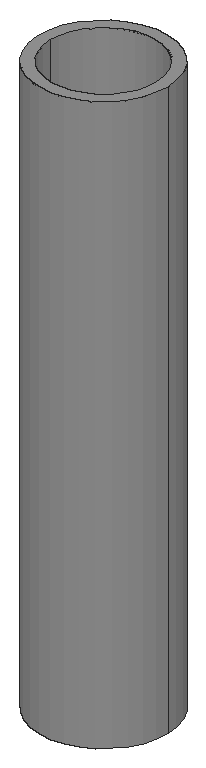
Revit family "Distanzhülse - DHI 080", category Generic Models, Revit 2017
Family settings
  Can host rebar = No
  Round Connector Dimension = Use Diameter
  Part Type = Normal
  Work Plane-Based = No
  Always vertical = Yes
  Cut with Voids When Loaded = No
  Shared = No
  Room Calculation Point = No
Parameters (values of type "DHI 150")
  URL = "http://www.obo-bettermann.com"
  Material = Hot-dip galvanised
  Manufacturer Art.No. = "7205910"
  Manufacturer = "OBO BETTERMANN"
  Length = 150 mm
  GTIN = "4012196397372"
  Article Type = "DHI 150"
Types (12, lengths in mm): name | Manufacturer Art.No. | Length | GTIN | Article Type
  (no name) | "7205910" | 150 | "4012196397372" | "DHI 150"
  DHI 050 | "7205901" | 50 | "4012196397228" | "DHI 060"
  DHI 060 | "7205901" | 60 | "4012196397235" | "DHI 060"
  DHI 070 | "7205902" | 70 | "4012196397242" | "DHI 070"
  DHI 080 | "7205903" | 80 | "4012196397266" | "DHI 080"
  DHI 090 | "7205904" | 90 | "4012196397297" | "DHI 090"
  DHI 100 | "7205905" | 100 | "4012196397303" | "DHI 100"
  DHI 110 | "7205906" | 110 | "4012196397310" | "DHI 110"
  DHI 120 | "7205907" | 120 | "4012196397327" | "DHI 120"
  DHI 130 | "7205908" | 130 | "4012196397358" | "DHI 130"
  DHI 140 | "7205909" | 140 | "4012196397365" | "DHI 140"
  DHI 150 | "7205910" | 150 | "4012196397372" | "DHI 150"
Reference planes
  plane 1 "Center (Front/Back)": y = 0
  plane 2: z = 0
  plane 3 "Center (Left/Right)": x = 0
  plane 4: z = 150
Forms (mm)
  Extrusion 1, solid, material "Hot-dip galvanised" <- "Material"
    sketch origin (0, 0, 0) x (1, 0, 0) y (0, 1, 0)
      loop
        circle (0, 0) r 16.85
      loop
        circle (0, 0) r 13.85
    from 0 to 150
Dimensions and locks
  locked: plane 1 "Center (Front/Back)" to Extrusion 1 sketch curve at 13.85
  locked: plane 1 "Center (Front/Back)" to Extrusion 1 sketch curve at 16.85
  "Length": plane 4 to level
  aligned and locked: level to plane 2
  aligned and locked: plane 4 to Extrusion 1
Automatic sketch dimensions
  Extrusion 1 sketch curve to Extrusion 1 sketch curve = 0 mm  (x2)
  plane 1 "Center (Front/Back)" to Extrusion 1 sketch curve = 0 mm
  Extrusion 1 sketch curve to plane 3 "Center (Left/Right)" = 0 mm
